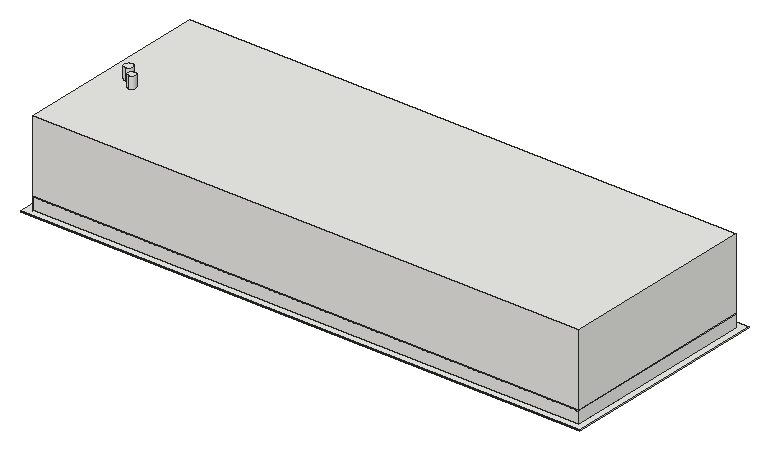
Revit family "AIRTECNICS_AIR CURTAIN_RECESSED WINDBOX_MG_DX-VRF_(MITSUBISHI ELECTRIC)_0", category Mechanical Equipment, Revit 2016 (continued)
Definition of nested family "GEOM_WINDBOX_P_RECESSED_DX"
  Automatic sketch dimensions
    Extrusion 34 sketch curve to Extrusion 34 sketch curve = 43.504 mm
    Extrusion 38 sketch curve to Extrusion 38 sketch curve = 3.028 mm
    Extrusion 38 sketch curve to Extrusion 38 sketch curve = 3.961 mm
    Extrusion 38 sketch curve to Extrusion 38 sketch curve = 2.97 mm
    Extrusion 38 sketch curve to Extrusion 38 sketch curve = 2.975 mm
    Extrusion 38 sketch curve to Extrusion 38 sketch curve = 0.557 mm
    Extrusion 38 sketch curve to Extrusion 38 sketch curve = 4.0 mm
    Extrusion 38 sketch curve to Extrusion 38 sketch curve = 3.966 mm
    Extrusion 38 sketch curve to Extrusion 38 sketch curve = 0.0 mm  (x2)
    Extrusion 39 sketch curve to Extrusion 39 sketch curve = 3.028 mm
    Extrusion 39 sketch curve to Extrusion 39 sketch curve = 3.961 mm
    Extrusion 39 sketch curve to Extrusion 39 sketch curve = 2.97 mm
    Extrusion 39 sketch curve to Extrusion 39 sketch curve = 2.975 mm
    Extrusion 39 sketch curve to Extrusion 39 sketch curve = 0.557 mm
    Extrusion 39 sketch curve to Extrusion 39 sketch curve = 4.0 mm
    Extrusion 39 sketch curve to Extrusion 39 sketch curve = 3.966 mm
    Extrusion 39 sketch curve to Extrusion 39 sketch curve = 0.0 mm  (x2)
    Extrusion 38 sketch curve to Extrusion 38 sketch curve = 25.946 mm
    Extrusion 38 sketch curve to Extrusion 38 sketch curve = 2.037 mm
    Extrusion 38 sketch curve to Extrusion 38 sketch curve = 2.578 mm
    Extrusion 38 sketch curve to Extrusion 38 sketch curve = 2.611 mm
    Extrusion 38 sketch curve to Extrusion 38 sketch curve = 23.162 mm
    Extrusion 39 sketch curve to Extrusion 39 sketch curve = 25.946 mm
    Extrusion 39 sketch curve to Extrusion 39 sketch curve = 2.037 mm
    Extrusion 39 sketch curve to Extrusion 39 sketch curve = 2.578 mm
    Extrusion 39 sketch curve to Extrusion 39 sketch curve = 2.611 mm
    Extrusion 39 sketch curve to Extrusion 39 sketch curve = 23.162 mm
    Extrusion 37 sketch curve to Extrusion 37 sketch curve = 74.0 mm
    Extrusion 37 sketch curve to Extrusion 37 sketch curve = 43.504 mm
    Extrusion 27 sketch curve to Extrusion 27 sketch curve = 74.0 mm
    Extrusion 27 sketch curve to Extrusion 27 sketch curve = 43.504 mm
    Extrusion 30 sketch curve to Extrusion 30 sketch curve = 74.0 mm
    Extrusion 30 sketch curve to Extrusion 30 sketch curve = 43.504 mm
    Extrusion 4 sketch curve to plane 11 = 0.0 mm
    Extrusion 7 sketch curve to plane 3 "Centro (Izquierda/Derecha)" = 0.0 mm
    plane 8 to Extrusion 11 sketch curve = 0.0 mm
    Extrusion 11 sketch curve to plane 24 = 0.0 mm
    Extrusion 11 sketch curve to plane 4 = 0.0 mm
    Extrusion 11 sketch curve to plane 8 = 10.0 mm
    Extrusion 12 sketch curve to plane 24 = 0.0 mm
    Extrusion 12 sketch curve to plane 4 = 0.0 mm
    Extrusion 12 sketch curve to plane 7 = 0.0 mm
    Extrusion 12 sketch curve to plane 7 = 10.0 mm
    Sweep 19 sketch curve to profile plane = 0.0 mm
    Sweep 19 sketch curve to Sweep 19 sketch curve = 0.0 mm  (x2)
    plane 24 to Extrusion 20 sketch curve = 20.494 mm  (x2)
    Extrusion 20 sketch curve to plane 11 = 41.908 mm
    plane 24 to Extrusion 20 sketch curve = 1.964 mm  (x6)
    Extrusion 20 sketch curve to Extrusion 20 sketch curve = 3.179 mm
    Extrusion 20 sketch curve to Extrusion 20 sketch curve = 1.478 mm  (x3)
    Extrusion 20 sketch curve to Extrusion 20 sketch curve = 4.657 mm  (x5)
    Extrusion 20 sketch curve to Extrusion 20 sketch curve = 16.188 mm
    Extrusion 20 sketch curve to plane 11 = 13.228 mm
    plane 11 to Extrusion 20 sketch curve = 9.843 mm
    plane 11 to Extrusion 20 sketch curve = 13.022 mm
    Extrusion 20 sketch curve to Extrusion 20 sketch curve = 0.254 mm  (x3)
    Extrusion 20 sketch curve to Extrusion 20 sketch curve = 18.53 mm
    Extrusion 20 sketch curve to Extrusion 20 sketch curve = 0.0 mm
    Extrusion 20 sketch curve to Extrusion 20 sketch curve = 0.799 mm  (x3)
    plane 1 "Centro (Frontal/Posterior)" to Extrusion 24 sketch curve = 21.764 mm
    Extrusion 24 sketch curve to plane 11 = 43.471 mm
    plane 24 to Extrusion 24 sketch curve = 3.073 mm
    Extrusion 24 sketch curve to Extrusion 24 sketch curve = 3.028 mm
    Extrusion 24 sketch curve to Extrusion 24 sketch curve = 3.961 mm
    Extrusion 24 sketch curve to Extrusion 24 sketch curve = 2.97 mm
    plane 24 to Extrusion 24 sketch curve = 0.496 mm
    Extrusion 24 sketch curve to plane 11 = 11.527 mm
    Extrusion 24 sketch curve to plane 11 = 9.49 mm
    plane 24 to Extrusion 24 sketch curve = 3.107 mm
    Extrusion 24 sketch curve to Extrusion 24 sketch curve = 2.975 mm
    Extrusion 24 sketch curve to Extrusion 24 sketch curve = 0.557 mm
    Extrusion 24 sketch curve to Extrusion 24 sketch curve = 4.0 mm
    Extrusion 24 sketch curve to Extrusion 24 sketch curve = 3.966 mm
    Extrusion 24 sketch curve to Extrusion 24 sketch curve = 0.0 mm  (x2)
    plane 1 "Centro (Frontal/Posterior)" to Extrusion 45 sketch curve = 21.764 mm
    Extrusion 45 sketch curve to plane 11 = 43.471 mm
    plane 24 to Extrusion 45 sketch curve = 3.073 mm
    Extrusion 45 sketch curve to Extrusion 45 sketch curve = 3.028 mm
    Extrusion 45 sketch curve to Extrusion 45 sketch curve = 3.961 mm
    Extrusion 45 sketch curve to Extrusion 45 sketch curve = 2.97 mm
    plane 24 to Extrusion 45 sketch curve = 0.496 mm
    Extrusion 45 sketch curve to plane 11 = 11.527 mm
    Extrusion 45 sketch curve to plane 11 = 9.49 mm
    plane 24 to Extrusion 45 sketch curve = 3.107 mm
    Extrusion 45 sketch curve to Extrusion 45 sketch curve = 2.975 mm
    Extrusion 45 sketch curve to Extrusion 45 sketch curve = 0.557 mm
    Extrusion 45 sketch curve to Extrusion 45 sketch curve = 4.0 mm
    Extrusion 45 sketch curve to Extrusion 45 sketch curve = 3.966 mm
    Extrusion 45 sketch curve to Extrusion 45 sketch curve = 0.0 mm  (x2)
    Extrusion 46 sketch curve to Extrusion 46 sketch curve = 0.0 mm  (x40)
    level to Extrusion 46 sketch curve = 0.881 mm  (x10)
    plane 20 to Extrusion 46 sketch curve = 4.0 mm
    plane 24 to Extrusion 46 sketch curve = 0.179 mm  (x10)
    Extrusion 46 sketch curve to Extrusion 46 sketch curve = 0.07 mm  (x10)
    plane 20 to Extrusion 46 sketch curve = 4.744 mm
    plane 24 to Extrusion 46 sketch curve = 2.811 mm  (x10)
    Extrusion 46 sketch curve to plane 13 = 7.561 mm
    plane 24 to Extrusion 46 sketch curve = 1.787 mm  (x10)
    plane 13 to Extrusion 46 sketch curve = 6.25 mm
    plane 13 to Extrusion 46 sketch curve = 6.4 mm
    Extrusion 46 sketch curve to Extrusion 46 sketch curve = 0.594 mm  (x8)
    Extrusion 46 sketch curve to Extrusion 46 sketch curve = 0.8 mm  (x12)
    plane 13 to Extrusion 46 sketch curve = 7.7 mm
    Extrusion 46 sketch curve to Extrusion 46 sketch curve = 1.007 mm  (x8)
    Extrusion 46 sketch curve to Extrusion 46 sketch curve = 1.3 mm  (x8)
    Extrusion 46 sketch curve to Extrusion 46 sketch curve = 8.369 mm  (x9)
    Extrusion 46 sketch curve to Extrusion 46 sketch curve = 13.01 mm  (x7)
    Extrusion 46 sketch curve to Extrusion 46 sketch curve = 0.08 mm  (x7)
    plane 24 to Extrusion 46 sketch curve = 14.344 mm  (x9)
    plane 24 to Extrusion 46 sketch curve = 13.319 mm  (x9)
    Extrusion 46 sketch curve to Extrusion 46 sketch curve = 0.5 mm  (x2)
    Extrusion 46 sketch curve to Extrusion 46 sketch curve = 13.961 mm  (x2)
    Extrusion 46 sketch curve to Extrusion 46 sketch curve = 0.999 mm
    Extrusion 46 sketch curve to Extrusion 46 sketch curve = 1.743 mm
    Extrusion 46 sketch curve to Extrusion 46 sketch curve = 0.658 mm
    Extrusion 46 sketch curve to Extrusion 46 sketch curve = 8.732 mm  (x10)
    plane 7 to Extrusion 47 sketch curve = 2.0 mm
    plane 8 to Extrusion 47 sketch curve = 2.0 mm
    plane 20 to Extrusion 47 sketch curve = 1.976 mm
    Extrusion 47 sketch curve to plane 5 = 486.1 mm
    Extrusion 2 sketch curve to plane 11 = 55.1 mm
    plane 7 to Extrusion 21 sketch curve = 1.0 mm
    plane 8 to Extrusion 21 sketch curve = 1.0 mm
    Extrusion 5 sketch curve to plane 3 "Centro (Izquierda/Derecha)" = 0.0 mm
    Extrusion 5 sketch curve to plane 11 = 0.0 mm
    plane 1 "Centro (Frontal/Posterior)" to Extrusion 23 sketch curve = 4.0 mm
    Extrusion 23 sketch curve to plane 11 = 42.0 mm
    Extrusion 25 sketch curve to plane 11 = 43.471 mm
    plane 24 to Extrusion 25 sketch curve = 0.496 mm
    Extrusion 26 sketch curve to plane 11 = 43.471 mm
    plane 24 to Extrusion 26 sketch curve = 0.496 mm
    Extrusion 18 sketch curve to plane 7 = 25.0 mm
    Extrusion 16 sketch curve to plane 17 "P2-01" = 0.0 mm
    Extrusion 16 sketch curve to plane 19 "P2-03" = 0.0 mm
    Extrusion 17 sketch curve to plane 14 = 0.0 mm
    Extrusion 17 sketch curve to plane 15 "P1-01" = 0.0 mm
Types (23, lengths in mm): name | Weight | Product Size | Product Reference | Product Heating | Product Description | Power Fans | Noise Level (dB(A)) | Mainfolds | M | Length | Heating Capacity | Gas Coil Volume | G | External Ut. Reference | Expansion Valve | Dn_Metric_Refrig_Liquid | Dn_Metric_Refrig_Gas | DX VRF | DX Kit | DX Coil Rows = 4 | DX Coil Rows = 3 | DX Coil Rows | DX 1:1 | Current Fans | L | CT | CR | CM | CH | CDX | Apparent Load | Airflow
  WINDBOX RECG 2500 VRF29-ME | 163.00 kg | "2500" | "RECG 2500 VRF29-ME" | "Direct Expansion VRF system" | "Energy saving heat pump air curtain: Up to 70% reduction in costs and CO2 emissions (heating mode).\r\nSelf-supporting casing construction made of galvanized steel plate, ready to be installed recessed in a false ceiling. \r\nInlet grille (free of maintenance) made with aluminium profiles and blow-out nozzle, integrated in a single white frame colour RAL 9016. Other colours are available on request.  Internal prefilter included.\r\nAnodized aluminium outlet vanes, airfoil shaped, adjustable in both directions.\r\nDouble-inlet centrifugal fans driven by an external rotor motor and low noise level. 5-speed selector. EC models assembled with very low consumption efficiency fans. \r\nIncludes only heating direct expansion coil with installed temperature sensors. Under request it can be modified to work in cooling and heating mode (not recomended) with optional condensate water pump.\r\nPlug&Play control panel CS-5DX-NE slave DX with 5 speeds selector and 7m telephone cable included.\r\nReady to connect to MITSUBISHI ELECTRIC VRF outdoor heat pump unit (R410A), not included, the customer should purchase it.\r\nRequires PAC-AH250M-J MITSUBISHI ELECTRIC VRF Interface KIT adapted for air curtain with expansion valve and  PAR-33MAA programmable control, please consult.\r\nAir Volume: 5110 m3/h \r\nFans:  0,497 kW  4,34 A 230Vx1 50/60Hz\r\nHeating capacity: 28,89 kW\r\nDimensions: 770x310x2550 mm (depth, height, length)\r\nNOT SUPPLIED BY AIRTÈCNICS:\r\nPAC-AH250M-J Interface VRF kit and PAR-33MAA programmable control.\r\nExternal unit VRF." | 0.497 kW | 64 | "1\" & 1/2" | no | 2550.0 | 28.89 kW | 5.30 L | yes | "Not available" | "Included on DX Kit" | 15 | 25 | yes | "PAC-AH250M-J" | yes | no | 4 | no | 4.34 A | 2500.0 | 16 | 2 | 12 | 4 | 0 | 994 VA | 5110 m³/h
  WINDBOX RECG 2500 VRF25-ME | 163.00 kg | "2500" | "RECG 2500 VRF25-ME" | "Direct Expansion VRF system" | "Energy saving heat pump air curtain: Up to 70% reduction in costs and CO2 emissions (heating mode).\r\nSelf-supporting casing construction made of galvanized steel plate, ready to be installed recessed in a false ceiling. \r\nInlet grille (free of maintenance) made with aluminium profiles and blow-out nozzle, integrated in a single white frame colour RAL 9016. Other colours are available on request.  Internal prefilter included.\r\nAnodized aluminium outlet vanes, airfoil shaped, adjustable in both directions.\r\nDouble-inlet centrifugal fans driven by an external rotor motor and low noise level. 5-speed selector. EC models assembled with very low consumption efficiency fans. \r\nIncludes only heating direct expansion coil with installed temperature sensors. Under request it can be modified to work in cooling and heating mode (not recomended) with optional condensate water pump.\r\nPlug&Play control panel CS-5DX-NE slave DX with 5 speeds selector and 7m telephone cable included.\r\nReady to connect to MITSUBISHI ELECTRIC VRF outdoor heat pump unit (R410A), not included, the customer should purchase it.\r\nRequires PAC-AH250M-J MITSUBISHI ELECTRIC VRF Interface KIT adapted for air curtain with expansion valve and  PAR-33MAA programmable control, please consult.\r\nAir Volume: 5110 m3/h \r\nFans:  0,497 kW  4,34 A 230Vx1 50/60Hz\r\nHeating capacity: 24,86 kW\r\nDimensions: 770x310x2550 mm (depth, height, length)\r\nNOT SUPPLIED BY AIRTÈCNICS:\r\nPAC-AH250M-J Interface VRF kit and PAR-33MAA programmable control.\r\nExternal unit VRF." | 0.497 kW | 64 | "1\" & 1/2" | no | 2550.0 | 24.86 kW | 3.90 L | yes | "Not available" | "Included on DX Kit" | 15 | 25 | yes | "PAC-AH250M-J" | no | yes | 3 | no | 4.34 A | 2500.0 | 16 | 4 | 12 | 4 | 0 | 994 VA | 5110 m³/h
  WINDBOX RECG 2500 DX27-ME | 163.00 kg | "2500" | "RECG 2500 DX27-ME" | "Direct Expansion 1:1 system" | "Energy saving heat pump air curtain: Up to 70% reduction in costs and CO2 emissions (heating mode).\r\nSelf-supporting casing construction made of galvanized steel plate, ready to be installed recessed in a false ceiling. \r\nInlet grille (free of maintenance) made with aluminium profiles and blow-out nozzle, integrated in a single white frame colour RAL 9016. Other colours are available on request.  Internal prefilter included.\r\nAnodized aluminium outlet vanes, airfoil shaped, adjustable in both directions.\r\nDouble-inlet centrifugal fans driven by an external rotor motor and low noise level. 5-speed selector. EC models assembled with very low consumption efficiency fans. \r\nIncludes only heating direct expansion coil with installed temperature sensors. Under request it can be modified to work in cooling and heating mode (not recomended) with optional condensate water pump.\r\nPlug&Play control panel CS-5DX-NE slave DX with 5 speeds selector and 7m telephone cable included.\r\nReady to connect to MITSUBISHI ELECTRIC Standard and Power Inverter outdoor heat pump unit (R410A) with expansion valve, not included, the customer should purchase it.\r\nRequires PAC-IF012B-E MITSUBISHI ELECTRIC DX Interface KIT adapted for air curtain and PAR-33MAA programmable control, please consult.\r\nAir Volume: 5110 m3/h \r\nFans:  0,497 kW  4,34 A 230Vx1 50/60Hz\r\nHeating capacity: 27,00 kW\r\nDimensions: 770x310x2550 mm (depth, height, length)\r\nNOT SUPPLIED BY AIRTÈCNICS:\r\nPAC-IF012B-E Interface DX kit and PAR-33MAA programmable control.\r\nExternal unit:\r\n PUHZ-ZRP250YKAExternal unit with direct expansion valve Mitsubishi Electric, triple phase motor 400Vx3 50Hz.\r\nHeating capacity 27kW. Heating power: 8,94kW. COP 3,75.\r\nCooling capacity 22kW. Cooling power 8,31kW. EER 2,65.\r\nCooling circuits 1\" - 1/2\".\r\nMaximum length 100m.\r\nDesnivell màxim 30m." | 0.497 kW | 64 | "1\" & 1/2" | no | 2550.0 | 27 kW | 5.30 L | yes | "PUHZ-ZRP250YKA" | "Included on External Unit" | 15 | 25 | no | "PAC-IF012B-E" | yes | no | 4 | yes | 4.34 A | 2500.0 | 16 | 2 | 12 | 2 | 0 | 994 VA | 5110 m³/h
  WINDBOX RECG 2000 VRF24-ME | 131.00 kg | "2000" | "RECG 2000 VRF24-ME" | "Direct Expansion VRF system" | "Energy saving heat pump air curtain: Up to 70% reduction in costs and CO2 emissions (heating mode).\r\nSelf-supporting casing construction made of galvanized steel plate, ready to be installed recessed in a false ceiling. \r\nInlet grille (free of maintenance) made with aluminium profiles and blow-out nozzle, integrated in a single white frame colour RAL 9016. Other colours are available on request.  Internal prefilter included.\r\nAnodized aluminium outlet vanes, airfoil shaped, adjustable in both directions.\r\nDouble-inlet centrifugal fans driven by an external rotor motor and low noise level. 5-speed selector. EC models assembled with very low consumption efficiency fans. \r\nIncludes only heating direct expansion coil with installed temperature sensors. Under request it can be modified to work in cooling and heating mode (not recomended) with optional condensate water pump.\r\nPlug&Play control panel CS-5DX-NE slave DX with 5 speeds selector and 7m telephone cable included.\r\nReady to connect to MITSUBISHI ELECTRIC VRF outdoor heat pump unit (R410A), not included, the customer should purchase it.\r\nRequires PAC-AH250M-J MITSUBISHI ELECTRIC VRF Interface KIT adapted for air curtain with expansion valve and  PAR-33MAA programmable control, please consult.\r\nAir Volume: 4380 m3/h \r\nFans:  0,426 kW  3,72 A 230Vx1 50/60Hz\r\nHeating capacity: 23,63 kW\r\nDimensions: 770x310x2050 mm (depth, height, length)\r\nNOT SUPPLIED BY AIRTÈCNICS:\r\nPAC-AH250M-J Interface VRF kit and PAR-33MAA programmable control.\r\nExternal unit VRF." | 0.426 kW | 63 | "1\" & 1/2" | no | 2050.0 | 23.63 kW | 5.30 L | yes | "Not available" | "Included on DX Kit" | 15 | 25 | yes | "PAC-AH250M-J" | yes | no | 4 | no | 3.72 A | 2000.0 | 8 | 2 | 12 | 4 | 0 | 852 VA | 4380 m³/h
  WINDBOX RECG 2000 VRF20-ME | 131.00 kg | "2000" | "RECG 2000 VRF20-ME" | "Direct Expansion VRF system" | "Energy saving heat pump air curtain: Up to 70% reduction in costs and CO2 emissions (heating mode).\r\nSelf-supporting casing construction made of galvanized steel plate, ready to be installed recessed in a false ceiling. \r\nInlet grille (free of maintenance) made with aluminium profiles and blow-out nozzle, integrated in a single white frame colour RAL 9016. Other colours are available on request.  Internal prefilter included.\r\nAnodized aluminium outlet vanes, airfoil shaped, adjustable in both directions.\r\nDouble-inlet centrifugal fans driven by an external rotor motor and low noise level. 5-speed selector. EC models assembled with very low consumption efficiency fans. \r\nIncludes only heating direct expansion coil with installed temperature sensors. Under request it can be modified to work in cooling and heating mode (not recomended) with optional condensate water pump.\r\nPlug&Play control panel CS-5DX-NE slave DX with 5 speeds selector and 7m telephone cable included.\r\nReady to connect to MITSUBISHI ELECTRIC VRF outdoor heat pump unit (R410A), not included, the customer should purchase it.\r\nRequires PAC-AH250M-J MITSUBISHI ELECTRIC VRF Interface KIT adapted for air curtain with expansion valve and  PAR-33MAA programmable control, please consult.\r\nAir Volume: 4380 m3/h \r\nFans:  0,426 kW  3,72 A 230Vx1 50/60Hz\r\nHeating capacity: 20,21 kW\r\nDimensions: 770x310x2050 mm (depth, height, length)\r\nNOT SUPPLIED BY AIRTÈCNICS:\r\nPAC-AH250M-J Interface VRF kit and PAR-33MAA programmable control.\r\nExternal unit VRF." | 0.426 kW | 63 | "1\" & 3/8" | no | 2050.0 | 20.21 kW | 3.10 L | yes | "Not available" | "Included on DX Kit" | 10 | 25 | yes | "PAC-AH250M-J" | no | yes | 3 | no | 3.72 A | 2000.0 | 8 | 4 | 12 | 4 | 0 | 852 VA | 4380 m³/h
  WINDBOX RECG 2000 DX24-ME | 131.00 kg | "2000" | "RECG 2000 DX24-ME" | "Direct Expansion 1:1 system" | "Energy saving heat pump air curtain: Up to 70% reduction in costs and CO2 emissions (heating mode).\r\nSelf-supporting casing construction made of galvanized steel plate, ready to be installed recessed in a false ceiling. \r\nInlet grille (free of maintenance) made with aluminium profiles and blow-out nozzle, integrated in a single white frame colour RAL 9016. Other colours are available on request.  Internal prefilter included.\r\nAnodized aluminium outlet vanes, airfoil shaped, adjustable in both directions.\r\nDouble-inlet centrifugal fans driven by an external rotor motor and low noise level. 5-speed selector. EC models assembled with very low consumption efficiency fans. \r\nIncludes only heating direct expansion coil with installed temperature sensors. Under request it can be modified to work in cooling and heating mode (not recomended) with optional condensate water pump.\r\nPlug&Play control panel CS-5DX-NE slave DX with 5 speeds selector and 7m telephone cable included.\r\nReady to connect to MITSUBISHI ELECTRIC Standard and Power Inverter outdoor heat pump unit (R410A) with expansion valve, not included, the customer should purchase it.\r\nRequires PAC-IF012B-E MITSUBISHI ELECTRIC DX Interface KIT adapted for air curtain and PAR-33MAA programmable control, please consult.\r\nAir Volume: 4380 m3/h \r\nFans:  0,426 kW  3,72 A 230Vx1 50/60Hz\r\nHeating capacity: 23,63 kW\r\nDimensions: 770x310x2050 mm (depth, height, length)\r\nNOT SUPPLIED BY AIRTÈCNICS:\r\nPAC-IF012B-E Interface DX kit and PAR-33MAA programmable control.\r\nExternal unit:\r\n PUHZ-ZRP250YKAExternal unit with direct expansion valve Mitsubishi Electric, triple phase motor 400Vx3 50Hz.\r\nHeating capacity 27kW. Heating power: 8,94kW. COP 3,75.\r\nCooling capacity 22kW. Cooling power 8,31kW. EER 2,65.\r\nCooling circuits 1\" - 1/2\".\r\nMaximum length 100m.\r\nDesnivell màxim 30m." | 0.426 kW | 63 | "1\" & 1/2" | no | 2050.0 | 23.63 kW | 4.10 L | yes | "PUHZ-ZRP250YKA" | "Included on External Unit" | 15 | 25 | no | "PAC-IF012B-E" | yes | no | 4 | yes | 3.72 A | 2000.0 | 8 | 2 | 12 | 2 | 1 | 852 VA | 4380 m³/h
  WINDBOX RECG 2000 DX22-ME | 131.00 kg | "2000" | "RECG 2000 DX22-ME" | "Direct Expansion 1:1 system" | "Energy saving heat pump air curtain: Up to 70% reduction in costs and CO2 emissions (heating mode).\r\nSelf-supporting casing construction made of galvanized steel plate, ready to be installed recessed in a false ceiling. \r\nInlet grille (free of maintenance) made with aluminium profiles and blow-out nozzle, integrated in a single white frame colour RAL 9016. Other colours are available on request.  Internal prefilter included.\r\nAnodized aluminium outlet vanes, airfoil shaped, adjustable in both directions.\r\nDouble-inlet centrifugal fans driven by an external rotor motor and low noise level. 5-speed selector. EC models assembled with very low consumption efficiency fans. \r\nIncludes only heating direct expansion coil with installed temperature sensors. Under request it can be modified to work in cooling and heating mode (not recomended) with optional condensate water pump.\r\nPlug&Play control panel CS-5DX-NE slave DX with 5 speeds selector and 7m telephone cable included.\r\nReady to connect to MITSUBISHI ELECTRIC Standard and Power Inverter outdoor heat pump unit (R410A) with expansion valve, not included, the customer should purchase it.\r\nRequires PAC-IF012B-E MITSUBISHI ELECTRIC DX Interface KIT adapted for air curtain and PAR-33MAA programmable control, please consult.\r\nAir Volume: 4380 m3/h \r\nFans:  0,426 kW  3,72 A 230Vx1 50/60Hz\r\nHeating capacity: 22,40 kW\r\nDimensions: 770x310x2050 mm (depth, height, length)\r\nNOT SUPPLIED BY AIRTÈCNICS:\r\nPAC-IF012B-E Interface DX kit and PAR-33MAA programmable control.\r\nExternal unit:\r\n PUHZ-ZRP200YKAExternal unit with direct expansion valve Mitsubishi Electric, triple phase motor 400Vx3 50Hz.\r\nHeating capacity 22,4kW. Heating power: 6,94kW. COP 3,23.\r\nCooling capacity 19kW. Cooling power 6,46kW. EER 2,94.\r\nCooling circuits 1\" - 3/8\".\r\nMaximum length 100m.\r\nDesnivell màxim 30m." | 0.426 kW | 63 | "1\" & 3/8" | no | 2050.0 | 22.4 kW | 4.10 L | yes | "PUHZ-ZRP200YKA" | "Included on External Unit" | 10 | 25 | no | "PAC-IF012B-E" | yes | no | 4 | yes | 3.72 A | 2000.0 | 8 | 2 | 12 | 2 | 0 | 568 VA | 4380 m³/h
  WINDBOX RECG 1500 VRF15-ME | 98.00 kg | "1500" | "RECG 1500 VRF15-ME" | "Direct Expansion VRF system" | "Energy saving heat pump air curtain: Up to 70% reduction in costs and CO2 emissions (heating mode).\r\nSelf-supporting casing construction made of galvanized steel plate, ready to be installed recessed in a false ceiling. \r\nInlet grille (free of maintenance) made with aluminium profiles and blow-out nozzle, integrated in a single white frame colour RAL 9016. Other colours are available on request.  Internal prefilter included.\r\nAnodized aluminium outlet vanes, airfoil shaped, adjustable in both directions.\r\nDouble-inlet centrifugal fans driven by an external rotor motor and low noise level. 5-speed selector. EC models assembled with very low consumption efficiency fans. \r\nIncludes only heating direct expansion coil with installed temperature sensors. Under request it can be modified to work in cooling and heating mode (not recomended) with optional condensate water pump.\r\nPlug&Play control panel CS-5DX-NE slave DX with 5 speeds selector and 7m telephone cable included.\r\nReady to connect to MITSUBISHI ELECTRIC VRF outdoor heat pump unit (R410A), not included, the customer should purchase it.\r\nRequires PAC-AH125M-J MITSUBISHI ELECTRIC VRF Interface KIT adapted for air curtain with expansion valve and  PAR-33MAA programmable control, please consult.\r\nAir Volume: 2920 m3/h \r\nFans:  0,284 kW  2,48 A 230Vx1 50/60Hz\r\nHeating capacity: 15,32 kW\r\nDimensions: 770x310x1550 mm (depth, height, length)\r\nNOT SUPPLIED BY AIRTÈCNICS:\r\nPAC-AH125M-J Interface VRF kit and PAR-33MAA programmable control.\r\nExternal unit VRF." | 0.284 kW | 62 | "5/8 & 3/8" | no | 1550.0 | 15.32 kW | 3.00 L | yes | "Not available" | "Included on DX Kit" | 10 | 16 | yes | "PAC-AH125M-J" | yes | no | 4 | no | 2.48 A | 1500.0 | 4 | 2 | 12 | 4 | 0 | 568 VA | 2920 m³/h
  WINDBOX RECG 1500 VRF13-ME | 98.00 kg | "1500" | "RECG 1500 VRF13-ME" | "Direct Expansion VRF system" | "Energy saving heat pump air curtain: Up to 70% reduction in costs and CO2 emissions (heating mode).\r\nSelf-supporting casing construction made of galvanized steel plate, ready to be installed recessed in a false ceiling. \r\nInlet grille (free of maintenance) made with aluminium profiles and blow-out nozzle, integrated in a single white frame colour RAL 9016. Other colours are available on request.  Internal prefilter included.\r\nAnodized aluminium outlet vanes, airfoil shaped, adjustable in both directions.\r\nDouble-inlet centrifugal fans driven by an external rotor motor and low noise level. 5-speed selector. EC models assembled with very low consumption efficiency fans. \r\nIncludes only heating direct expansion coil with installed temperature sensors. Under request it can be modified to work in cooling and heating mode (not recomended) with optional condensate water pump.\r\nPlug&Play control panel CS-5DX-NE slave DX with 5 speeds selector and 7m telephone cable included.\r\nReady to connect to MITSUBISHI ELECTRIC VRF outdoor heat pump unit (R410A), not included, the customer should purchase it.\r\nRequires PAC-AH125M-J MITSUBISHI ELECTRIC VRF Interface KIT adapted for air curtain with expansion valve and  PAR-33MAA programmable control, please consult.\r\nAir Volume: 2920 m3/h \r\nFans:  0,284 kW  2,48 A 230Vx1 50/60Hz\r\nHeating capacity: 13,11 kW\r\nDimensions: 770x310x1550 mm (depth, height, length)\r\nNOT SUPPLIED BY AIRTÈCNICS:\r\nPAC-AH125M-J Interface VRF kit and PAR-33MAA programmable control.\r\nExternal unit VRF." | 0.284 kW | 62 | "5/8 & 3/8" | no | 1550.0 | 13.11 kW | 2.20 L | yes | "Not available" | "Included on DX Kit" | 10 | 16 | yes | "PAC-AH125M-J" | no | yes | 3 | no | 2.48 A | 1500.0 | 4 | 4 | 12 | 4 | 0 | 568 VA | 2920 m³/h
  WINDBOX RECG 1500 DX14-ME | 98.00 kg | "1500" | "RECG 1500 DX14-ME" | "Direct Expansion 1:1 system" | "Energy saving heat pump air curtain: Up to 70% reduction in costs and CO2 emissions (heating mode).\r\nSelf-supporting casing construction made of galvanized steel plate, ready to be installed recessed in a false ceiling. \r\nInlet grille (free of maintenance) made with aluminium profiles and blow-out nozzle, integrated in a single white frame colour RAL 9016. Other colours are available on request.  Internal prefilter included.\r\nAnodized aluminium outlet vanes, airfoil shaped, adjustable in both directions.\r\nDouble-inlet centrifugal fans driven by an external rotor motor and low noise level. 5-speed selector. EC models assembled with very low consumption efficiency fans. \r\nIncludes only heating direct expansion coil with installed temperature sensors. Under request it can be modified to work in cooling and heating mode (not recomended) with optional condensate water pump.\r\nPlug&Play control panel CS-5DX-NE slave DX with 5 speeds selector and 7m telephone cable included.\r\nReady to connect to MITSUBISHI ELECTRIC Standard and Power Inverter outdoor heat pump unit (R410A) with expansion valve, not included, the customer should purchase it.\r\nRequires PAC-IF012B-E MITSUBISHI ELECTRIC DX Interface KIT adapted for air curtain and PAR-33MAA programmable control, please consult.\r\nAir Volume: 2920 m3/h \r\nFans:  0,284 kW  2,48 A 230Vx1 50/60Hz\r\nHeating capacity: 14,00 kW\r\nDimensions: 770x310x1550 mm (depth, height, length)\r\nNOT SUPPLIED BY AIRTÈCNICS:\r\nPAC-IF012B-E Interface DX kit and PAR-33MAA programmable control.\r\nExternal unit:\r\nOption 1: PUHZ-ZRP125VKA\r\nExternal unit with direct expansion valve Mitsubishi Electric, single phase motor 230Vx1 50Hz.\r\nHeating capacity 14kW. Heating power: 3,63kW. COP 3,86.\r\nCooling capacity 12,5kW. Cooling power 4,05kW. EER 3,09.\r\nCooling circuits 5/8\" - 3/8\".\r\nMaximum length 75m.\r\nDesnivell màxim 30m.\r\nOption 2: PUHZ-ZRP125YKA\r\nExternal unit with direct expansion valve Mitsubishi Electric, triple phase motor 400Vx3 50Hz.\r\nHeating capacity 14kW. Heating power: 3,63kW. COP 3,86.\r\nCooling capacity 12,5kW. Cooling power 4,05kW. EER 3,09.\r\nCooling circuits 5/8\" - 3/8\".\r\nMaximum length 75m.\r\nDesnivell màxim 30m." | 0.284 kW | 62 | "5/8 & 3/8" | no | 1550.0 | 14 kW | 3.00 L | yes | "PUHZ-ZRP125YKA" | "Included on External Unit" | 10 | 16 | no | "PAC-IF012B-E" | yes | no | 4 | yes | 2.48 A | 1500.0 | 4 | 2 | 12 | 2 | 0 | 568 VA | 2920 m³/h
  WINDBOX RECG 1000 VRF10-ME | 67.00 kg | "1000" | "RECG 1000 VRF10-ME" | "Direct Expansion VRF system" | "Energy saving heat pump air curtain: Up to 70% reduction in costs and CO2 emissions (heating mode).\r\nSelf-supporting casing construction made of galvanized steel plate, ready to be installed recessed in a false ceiling. \r\nInlet grille (free of maintenance) made with aluminium profiles and blow-out nozzle, integrated in a single white frame colour RAL 9016. Other colours are available on request.  Internal prefilter included.\r\nAnodized aluminium outlet vanes, airfoil shaped, adjustable in both directions.\r\nDouble-inlet centrifugal fans driven by an external rotor motor and low noise level. 5-speed selector. EC models assembled with very low consumption efficiency fans. \r\nIncludes only heating direct expansion coil with installed temperature sensors. Under request it can be modified to work in cooling and heating mode (not recomended) with optional condensate water pump.\r\nPlug&Play control panel CS-5DX-NE slave DX with 5 speeds selector and 7m telephone cable included.\r\nReady to connect to MITSUBISHI ELECTRIC VRF outdoor heat pump unit (R410A), not included, the customer should purchase it.\r\nRequires PAC-AH125M-J MITSUBISHI ELECTRIC VRF Interface KIT adapted for air curtain with expansion valve and  PAR-33MAA programmable control, please consult.\r\nAir Volume: 2190 m3/h \r\nFans:  0,213 kW  1,86 A 230Vx1 50/60Hz\r\nHeating capacity: 9,70 kW\r\nDimensions: 770x310x1050 mm (depth, height, length)\r\nNOT SUPPLIED BY AIRTÈCNICS:\r\nPAC-AH125M-J Interface VRF kit and PAR-33MAA programmable control.\r\nExternal unit VRF." | 0.213 kW | 61 | "5/8 & 3/8" | no | 1050.0 | 9.7 kW | 1.80 L | yes | "Not available" | "Included on DX Kit" | 10 | 16 | yes | "PAC-AH125M-J" | yes | no | 4 | no | 1.86 A | 1000.0 | 2 | 2 | 12 | 4 | 0 | 426 VA | 2190 m³/h
  WINDBOX RECG 1000 DX10-ME | 67.00 kg | "1000" | "RECG 1000 DX10-ME" | "Direct Expansion 1:1 system" | "Energy saving heat pump air curtain: Up to 70% reduction in costs and CO2 emissions (heating mode).\r\nSelf-supporting casing construction made of galvanized steel plate, ready to be installed recessed in a false ceiling. \r\nInlet grille (free of maintenance) made with aluminium profiles and blow-out nozzle, integrated in a single white frame colour RAL 9016. Other colours are available on request.  Internal prefilter included.\r\nAnodized aluminium outlet vanes, airfoil shaped, adjustable in both directions.\r\nDouble-inlet centrifugal fans driven by an external rotor motor and low noise level. 5-speed selector. EC models assembled with very low consumption efficiency fans. \r\nIncludes only heating direct expansion coil with installed temperature sensors. Under request it can be modified to work in cooling and heating mode (not recomended) with optional condensate water pump.\r\nPlug&Play control panel CS-5DX-NE slave DX with 5 speeds selector and 7m telephone cable included.\r\nReady to connect to MITSUBISHI ELECTRIC Standard and Power Inverter outdoor heat pump unit (R410A) with expansion valve, not included, the customer should purchase it.\r\nRequires PAC-IF012B-E MITSUBISHI ELECTRIC DX Interface KIT adapted for air curtain and PAR-33MAA programmable control, please consult.\r\nAir Volume: 2190 m3/h \r\nFans:  0,213 kW  1,86 A 230Vx1 50/60Hz\r\nHeating capacity: 9,70 kW\r\nDimensions: 770x310x1050 mm (depth, height, length)\r\nNOT SUPPLIED BY AIRTÈCNICS:\r\nPAC-IF012B-E Interface DX kit and PAR-33MAA programmable control.\r\nExternal unit:\r\nOption 1: PUHZ-ZRP100VKA\r\nExternal unit with direct expansion valve Mitsubishi Electric, single phase motor 230Vx1 50Hz.\r\nHeating capacity 11,2kW. Heating power: 2,06kW. SCOP 4,2.\r\nCooling capacity 10kW. Cooling power 2,63kW. SEER 5,6.\r\nCooling circuits 5/8\" - 3/8\".\r\nMaximum length 75m.\r\nDesnivell màxim 30m.\r\nOption 2: PUHZ-ZRP100YKA\r\nExternal unit with direct expansion valve Mitsubishi Electric, triple phase motor 400Vx3 50Hz.\r\nHeating capacity 11,2kW. Heating power: 2,06kW. SCOP 4,2.\r\nCooling capacity 10kW. Cooling power 2,63kW. SEER 5,5.\r\nCooling circuits 5/8\" - 3/8\".\r\nMaximum length 75m.\r\nDesnivell màxim 30m." | 0.213 kW | 61 | "5/8 & 3/8" | no | 1050.0 | 9.7 kW | 1.80 L | yes | "PUHZ-ZRP100YKA" | "Included on External Unit" | 10 | 16 | no | "PAC-IF012B-E" | yes | no | 4 | yes | 1.86 A | 1000.0 | 2 | 2 | 12 | 2 | 0 | 426 VA | 2190 m³/h
  WINDBOX RECM 2500 VRF24-ME | 153.00 kg | "2500" | "RECM 2500 VRF24-ME" | "Direct Expansion VRF system" | "Energy saving heat pump air curtain: Up to 70% reduction in costs and CO2 emissions (heating mode).\r\nSelf-supporting casing construction made of galvanized steel plate, ready to be installed recessed in a false ceiling. \r\nInlet grille (free of maintenance) made with aluminium profiles and blow-out nozzle, integrated in a single white frame colour RAL 9016. Other colours are available on request.  Internal prefilter included.\r\nAnodized aluminium outlet vanes, airfoil shaped, adjustable in both directions.\r\nDouble-inlet centrifugal fans driven by an external rotor motor and low noise level. 5-speed selector. EC models assembled with very low consumption efficiency fans. \r\nIncludes only heating direct expansion coil with installed temperature sensors. Under request it can be modified to work in cooling and heating mode (not recomended) with optional condensate water pump.\r\nPlug&Play control panel CS-5DX-NE slave DX with 5 speeds selector and 7m telephone cable included.\r\nReady to connect to MITSUBISHI ELECTRIC VRF outdoor heat pump unit (R410A), not included, the customer should purchase it.\r\nRequires PAC-AH250M-J MITSUBISHI ELECTRIC VRF Interface KIT adapted for air curtain with expansion valve and  PAR-33MAA programmable control, please consult.\r\nAir Volume: 4100 m3/h \r\nFans:  0,355 kW  3,1 A 230Vx1 50/60Hz\r\nHeating capacity: 24,38 kW\r\nDimensions: 770x310x2550 mm (depth, height, length)\r\nNOT SUPPLIED BY AIRTÈCNICS:\r\nPAC-AH250M-J Interface VRF kit and PAR-33MAA programmable control.\r\nExternal unit VRF." | 0.355 kW | 59 | "1\" & 1/2" | yes | 2550.0 | 24.38 kW | 5.30 L | no | "Not available" | "Included on DX Kit" | 15 | 25 | yes | "PAC-AH250M-J" | yes | no | 4 | no | 3.1 A | 2500.0 | 16 | 2 | 6 | 4 | 0 | 710 VA | 4100 m³/h
  WINDBOX RECM 2500 VRF21-ME | 153.00 kg | "2500" | "RECM 2500 VRF21-ME" | "Direct Expansion VRF system" | "Energy saving heat pump air curtain: Up to 70% reduction in costs and CO2 emissions (heating mode).\r\nSelf-supporting casing construction made of galvanized steel plate, ready to be installed recessed in a false ceiling. \r\nInlet grille (free of maintenance) made with aluminium profiles and blow-out nozzle, integrated in a single white frame colour RAL 9016. Other colours are available on request.  Internal prefilter included.\r\nAnodized aluminium outlet vanes, airfoil shaped, adjustable in both directions.\r\nDouble-inlet centrifugal fans driven by an external rotor motor and low noise level. 5-speed selector. EC models assembled with very low consumption efficiency fans. \r\nIncludes only heating direct expansion coil with installed temperature sensors. Under request it can be modified to work in cooling and heating mode (not recomended) with optional condensate water pump.\r\nPlug&Play control panel CS-5DX-NE slave DX with 5 speeds selector and 7m telephone cable included.\r\nReady to connect to MITSUBISHI ELECTRIC VRF outdoor heat pump unit (R410A), not included, the customer should purchase it.\r\nRequires PAC-AH250M-J MITSUBISHI ELECTRIC VRF Interface KIT adapted for air curtain with expansion valve and  PAR-33MAA programmable control, please consult.\r\nAir Volume: 4100 m3/h \r\nFans:  0,355 kW  3,1 A 230Vx1 50/60Hz\r\nHeating capacity: 21,20 kW\r\nDimensions: 770x310x2550 mm (depth, height, length)\r\nNOT SUPPLIED BY AIRTÈCNICS:\r\nPAC-AH250M-J Interface VRF kit and PAR-33MAA programmable control.\r\nExternal unit VRF." | 0.355 kW | 59 | "1\" & 3/8" | yes | 2550.0 | 21.2 kW | 3.90 L | no | "Not available" | "Included on DX Kit" | 10 | 25 | yes | "PAC-AH250M-J" | no | yes | 3 | no | 3.1 A | 2500.0 | 16 | 4 | 6 | 4 | 0 | 710 VA | 4100 m³/h
  WINDBOX RECM 2500 DX24-ME | 153.00 kg | "2500" | "RECM 2500 DX24-ME" | "Direct Expansion 1:1 system" | "Energy saving heat pump air curtain: Up to 70% reduction in costs and CO2 emissions (heating mode).\r\nSelf-supporting casing construction made of galvanized steel plate, ready to be installed recessed in a false ceiling. \r\nInlet grille (free of maintenance) made with aluminium profiles and blow-out nozzle, integrated in a single white frame colour RAL 9016. Other colours are available on request.  Internal prefilter included.\r\nAnodized aluminium outlet vanes, airfoil shaped, adjustable in both directions.\r\nDouble-inlet centrifugal fans driven by an external rotor motor and low noise level. 5-speed selector. EC models assembled with very low consumption efficiency fans. \r\nIncludes only heating direct expansion coil with installed temperature sensors. Under request it can be modified to work in cooling and heating mode (not recomended) with optional condensate water pump.\r\nPlug&Play control panel CS-5DX-NE slave DX with 5 speeds selector and 7m telephone cable included.\r\nReady to connect to MITSUBISHI ELECTRIC Standard and Power Inverter outdoor heat pump unit (R410A) with expansion valve, not included, the customer should purchase it.\r\nRequires PAC-IF012B-E MITSUBISHI ELECTRIC DX Interface KIT adapted for air curtain and PAR-33MAA programmable control, please consult.\r\nAir Volume: 4100 m3/h \r\nFans:  0,355 kW  3,1 A 230Vx1 50/60Hz\r\nHeating capacity: 24,38 kW\r\nDimensions: 770x310x2550 mm (depth, height, length)\r\nNOT SUPPLIED BY AIRTÈCNICS:\r\nPAC-IF012B-E Interface DX kit and PAR-33MAA programmable control.\r\nExternal unit:\r\n PUHZ-ZRP250YKAExternal unit with direct expansion valve Mitsubishi Electric, triple phase motor 400Vx3 50Hz.\r\nHeating capacity 27kW. Heating power: 8,94kW. COP 3,75.\r\nCooling capacity 22kW. Cooling power 8,31kW. EER 2,65.\r\nCooling circuits 1\" - 1/2\".\r\nMaximum length 100m.\r\nDesnivell màxim 30m." | 0.355 kW | 59 | "1\" & 1/2" | yes | 2550.0 | 24.38 kW | 5.30 L | no | "PUHZ-ZRP250YKA" | "Included on External Unit" | 15 | 25 | no | "PAC-IF012B-E" | yes | no | 4 | yes | 3.1 A | 2500.0 | 16 | 2 | 6 | 2 | 1 | 710 VA | 4100 m³/h
  WINDBOX RECM 2500 DX22-ME | 153.00 kg | "2500" | "RECM 2500 DX22-ME" | "Direct Expansion 1:1 system" | "Energy saving heat pump air curtain: Up to 70% reduction in costs and CO2 emissions (heating mode).\r\nSelf-supporting casing construction made of galvanized steel plate, ready to be installed recessed in a false ceiling. \r\nInlet grille (free of maintenance) made with aluminium profiles and blow-out nozzle, integrated in a single white frame colour RAL 9016. Other colours are available on request.  Internal prefilter included.\r\nAnodized aluminium outlet vanes, airfoil shaped, adjustable in both directions.\r\nDouble-inlet centrifugal fans driven by an external rotor motor and low noise level. 5-speed selector. EC models assembled with very low consumption efficiency fans. \r\nIncludes only heating direct expansion coil with installed temperature sensors. Under request it can be modified to work in cooling and heating mode (not recomended) with optional condensate water pump.\r\nPlug&Play control panel CS-5DX-NE slave DX with 5 speeds selector and 7m telephone cable included.\r\nReady to connect to MITSUBISHI ELECTRIC Standard and Power Inverter outdoor heat pump unit (R410A) with expansion valve, not included, the customer should purchase it.\r\nRequires PAC-IF012B-E MITSUBISHI ELECTRIC DX Interface KIT adapted for air curtain and PAR-33MAA programmable control, please consult.\r\nAir Volume: 4100 m3/h \r\nFans:  0,355 kW  3,1 A 230Vx1 50/60Hz\r\nHeating capacity: 22,40 kW\r\nDimensions: 770x310x2550 mm (depth, height, length)\r\nNOT SUPPLIED BY AIRTÈCNICS:\r\nPAC-IF012B-E Interface DX kit and PAR-33MAA programmable control.\r\nExternal unit:\r\n PUHZ-ZRP200YKAExternal unit with direct expansion valve Mitsubishi Electric, triple phase motor 400Vx3 50Hz.\r\nHeating capacity 22,4kW. Heating power: 6,94kW. COP 3,23.\r\nCooling capacity 19kW. Cooling power 6,46kW. EER 2,94.\r\nCooling circuits 1\" - 3/8\".\r\nMaximum length 100m.\r\nDesnivell màxim 30m." | 0.355 kW | 59 | "1\" & 3/8" | yes | 2550.0 | 22.4 kW | 5.30 L | no | "PUHZ-ZRP200YKA" | "Included on External Unit" | 10 | 25 | no | "PAC-IF012B-E" | yes | no | 4 | yes | 3.1 A | 2500.0 | 16 | 2 | 6 | 2 | 0 | 710 VA | 4100 m³/h
  WINDBOX RECM 2000 VRF19-ME | 122.00 kg | "2000" | "RECM 2000 VRF19-ME" | "Direct Expansion VRF system" | "Energy saving heat pump air curtain: Up to 70% reduction in costs and CO2 emissions (heating mode).\r\nSelf-supporting casing construction made of galvanized steel plate, ready to be installed recessed in a false ceiling. \r\nInlet grille (free of maintenance) made with aluminium profiles and blow-out nozzle, integrated in a single white frame colour RAL 9016. Other colours are available on request.  Internal prefilter included.\r\nAnodized aluminium outlet vanes, airfoil shaped, adjustable in both directions.\r\nDouble-inlet centrifugal fans driven by an external rotor motor and low noise level. 5-speed selector. EC models assembled with very low consumption efficiency fans. \r\nIncludes only heating direct expansion coil with installed temperature sensors. Under request it can be modified to work in cooling and heating mode (not recomended) with optional condensate water pump.\r\nPlug&Play control panel CS-5DX-NE slave DX with 5 speeds selector and 7m telephone cable included.\r\nReady to connect to MITSUBISHI ELECTRIC VRF outdoor heat pump unit (R410A), not included, the customer should purchase it.\r\nRequires PAC-AH250M-J MITSUBISHI ELECTRIC VRF Interface KIT adapted for air curtain with expansion valve and  PAR-33MAA programmable control, please consult.\r\nAir Volume: 3280 m3/h \r\nFans:  0,284 kW  2,48 A 230Vx1 50/60Hz\r\nHeating capacity: 18,96 kW\r\nDimensions: 770x310x2050 mm (depth, height, length)\r\nNOT SUPPLIED BY AIRTÈCNICS:\r\nPAC-AH250M-J Interface VRF kit and PAR-33MAA programmable control.\r\nExternal unit VRF." | 0.284 kW | 58 | "1\" & 3/8" | yes | 2050.0 | 18.96 kW | 4.10 L | no | "Not available" | "Included on DX Kit" | 10 | 25 | yes | "PAC-AH250M-J" | yes | no | 4 | no | 2.48 A | 2000.0 | 8 | 2 | 6 | 4 | 0 | 568 VA | 3280 m³/h
  WINDBOX RECM 2000 VRF16-ME | 122.00 kg | "2000" | "RECM 2000 VRF16-ME" | "Direct Expansion VRF system" | "Energy saving heat pump air curtain: Up to 70% reduction in costs and CO2 emissions (heating mode).\r\nSelf-supporting casing construction made of galvanized steel plate, ready to be installed recessed in a false ceiling. \r\nInlet grille (free of maintenance) made with aluminium profiles and blow-out nozzle, integrated in a single white frame colour RAL 9016. Other colours are available on request.  Internal prefilter included.\r\nAnodized aluminium outlet vanes, airfoil shaped, adjustable in both directions.\r\nDouble-inlet centrifugal fans driven by an external rotor motor and low noise level. 5-speed selector. EC models assembled with very low consumption efficiency fans. \r\nIncludes only heating direct expansion coil with installed temperature sensors. Under request it can be modified to work in cooling and heating mode (not recomended) with optional condensate water pump.\r\nPlug&Play control panel CS-5DX-NE slave DX with 5 speeds selector and 7m telephone cable included.\r\nReady to connect to MITSUBISHI ELECTRIC VRF outdoor heat pump unit (R410A), not included, the customer should purchase it.\r\nRequires PAC-AH125M-J MITSUBISHI ELECTRIC VRF Interface KIT adapted for air curtain with expansion valve and  PAR-33MAA programmable control, please consult.\r\nAir Volume: 3280 m3/h \r\nFans:  0,284 kW  2,48 A 230Vx1 50/60Hz\r\nHeating capacity: 16,44 kW\r\nDimensions: 770x310x2050 mm (depth, height, length)\r\nNOT SUPPLIED BY AIRTÈCNICS:\r\nPAC-AH125M-J Interface VRF kit and PAR-33MAA programmable control.\r\nExternal unit VRF." | 0.284 kW | 58 | "5/8 & 3/8" | yes | 2050.0 | 16.44 kW | 3.10 L | no | "Not available" | "Included on DX Kit" | 10 | 16 | yes | "PAC-AH125M-J" | no | yes | 3 | no | 2.48 A | 2000.0 | 8 | 4 | 6 | 4 | 0 | 568 VA | 3280 m³/h
  WINDBOX RECM 2000 DX16-ME | 122.00 kg | "2000" | "RECM 2000 DX16-ME" | "Direct Expansion 1:1 system" | "Energy saving heat pump air curtain: Up to 70% reduction in costs and CO2 emissions (heating mode).\r\nSelf-supporting casing construction made of galvanized steel plate, ready to be installed recessed in a false ceiling. \r\nInlet grille (free of maintenance) made with aluminium profiles and blow-out nozzle, integrated in a single white frame colour RAL 9016. Other colours are available on request.  Internal prefilter included.\r\nAnodized aluminium outlet vanes, airfoil shaped, adjustable in both directions.\r\nDouble-inlet centrifugal fans driven by an external rotor motor and low noise level. 5-speed selector. EC models assembled with very low consumption efficiency fans. \r\nIncludes only heating direct expansion coil with installed temperature sensors. Under request it can be modified to work in cooling and heating mode (not recomended) with optional condensate water pump.\r\nPlug&Play control panel CS-5DX-NE slave DX with 5 speeds selector and 7m telephone cable included.\r\nReady to connect to MITSUBISHI ELECTRIC Standard and Power Inverter outdoor heat pump unit (R410A) with expansion valve, not included, the customer should purchase it.\r\nRequires PAC-IF012B-E MITSUBISHI ELECTRIC DX Interface KIT adapted for air curtain and PAR-33MAA programmable control, please consult.\r\nAir Volume: 3280 m3/h \r\nFans:  0,284 kW  2,48 A 230Vx1 50/60Hz\r\nHeating capacity: 16,00 kW\r\nDimensions: 770x310x2050 mm (depth, height, length)\r\nNOT SUPPLIED BY AIRTÈCNICS:\r\nPAC-IF012B-E Interface DX kit and PAR-33MAA programmable control.\r\nExternal unit:\r\nOption 1: PUHZ-ZRP140VKA\r\nExternal unit with direct expansion valve Mitsubishi Electric, single phase motor 230Vx1 50Hz.\r\nHeating capacity 16kW. Heating power: 4,2kW. COP 3,81.\r\nCooling capacity 13,4kW. Cooling power 4,36kW. EER 3,07.\r\nCooling circuits 5/8\" - 3/8\".\r\nMaximum length 75m.\r\nDesnivell màxim 30m.\r\nOption 2: PUHZ-ZRP140YKA\r\nExternal unit with direct expansion valve Mitsubishi Electric, triple phase motor 400Vx3 50Hz.\r\nHeating capacity 16kW. Heating power: 4,2kW. COP 3,81.\r\nCooling capacity 13,4kW. Cooling power 4,36kW. EER 3,07.\r\nCooling circuits 5/8\" - 3/8\".\r\nMaximum length 75m.\r\nDesnivell màxim 30m." | 0.284 kW | 58 | "5/8 & 3/8" | yes | 2050.0 | 16 kW | 3.10 L | no | "PUHZ-ZRP140YKA" | "Included on External Unit" | 10 | 16 | no | "PAC-IF012B-E" | no | yes | 3 | yes | 2.48 A | 2000.0 | 8 | 4 | 6 | 2 | 0 | 568 VA | 3280 m³/h
  WINDBOX RECM 1500 VRF12-ME | 93.00 kg | "1500" | "RECM 1500 VRF12-ME" | "Direct Expansion VRF system" | "Energy saving heat pump air curtain: Up to 70% reduction in costs and CO2 emissions (heating mode).\r\nSelf-supporting casing construction made of galvanized steel plate, ready to be installed recessed in a false ceiling. \r\nInlet grille (free of maintenance) made with aluminium profiles and blow-out nozzle, integrated in a single white frame colour RAL 9016. Other colours are available on request.  Internal prefilter included.\r\nAnodized aluminium outlet vanes, airfoil shaped, adjustable in both directions.\r\nDouble-inlet centrifugal fans driven by an external rotor motor and low noise level. 5-speed selector. EC models assembled with very low consumption efficiency fans. \r\nIncludes only heating direct expansion coil with installed temperature sensors. Under request it can be modified to work in cooling and heating mode (not recomended) with optional condensate water pump.\r\nPlug&Play control panel CS-5DX-NE slave DX with 5 speeds selector and 7m telephone cable included.\r\nReady to connect to MITSUBISHI ELECTRIC VRF outdoor heat pump unit (R410A), not included, the customer should purchase it.\r\nRequires PAC-AH125M-J MITSUBISHI ELECTRIC VRF Interface KIT adapted for air curtain with expansion valve and  PAR-33MAA programmable control, please consult.\r\nAir Volume: 2460 m3/h \r\nFans:  0,213 kW  1,86 A 230Vx1 50/60Hz\r\nHeating capacity: 11,61 kW\r\nDimensions: 770x310x1550 mm (depth, height, length)\r\nNOT SUPPLIED BY AIRTÈCNICS:\r\nPAC-AH125M-J Interface VRF kit and PAR-33MAA programmable control.\r\nExternal unit VRF." | 0.213 kW | 57 | "5/8 & 3/8" | yes | 1550.0 | 11.61 kW | 2.20 L | no | "Not available" | "Included on DX Kit" | 10 | 16 | yes | "PAC-AH125M-J" | no | yes | 3 | no | 1.86 A | 1500.0 | 4 | 4 | 6 | 4 | 0 | 426 VA | 2460 m³/h
  WINDBOX RECM 1500 DX13-ME | 93.00 kg | "1500" | "RECM 1500 DX13-ME" | "Direct Expansion 1:1 system" | "Energy saving heat pump air curtain: Up to 70% reduction in costs and CO2 emissions (heating mode).\r\nSelf-supporting casing construction made of galvanized steel plate, ready to be installed recessed in a false ceiling. \r\nInlet grille (free of maintenance) made with aluminium profiles and blow-out nozzle, integrated in a single white frame colour RAL 9016. Other colours are available on request.  Internal prefilter included.\r\nAnodized aluminium outlet vanes, airfoil shaped, adjustable in both directions.\r\nDouble-inlet centrifugal fans driven by an external rotor motor and low noise level. 5-speed selector. EC models assembled with very low consumption efficiency fans. \r\nIncludes only heating direct expansion coil with installed temperature sensors. Under request it can be modified to work in cooling and heating mode (not recomended) with optional condensate water pump.\r\nPlug&Play control panel CS-5DX-NE slave DX with 5 speeds selector and 7m telephone cable included.\r\nReady to connect to MITSUBISHI ELECTRIC Standard and Power Inverter outdoor heat pump unit (R410A) with expansion valve, not included, the customer should purchase it.\r\nRequires PAC-IF012B-E MITSUBISHI ELECTRIC DX Interface KIT adapted for air curtain and PAR-33MAA programmable control, please consult.\r\nAir Volume: 2460 m3/h \r\nFans:  0,213 kW  1,86 A 230Vx1 50/60Hz\r\nHeating capacity: 13,47 kW\r\nDimensions: 770x310x1550 mm (depth, height, length)\r\nNOT SUPPLIED BY AIRTÈCNICS:\r\nPAC-IF012B-E Interface DX kit and PAR-33MAA programmable control.\r\nExternal unit:\r\nOption 1: PUHZ-ZRP125VKA\r\nExternal unit with direct expansion valve Mitsubishi Electric, single phase motor 230Vx1 50Hz.\r\nHeating capacity 14kW. Heating power: 3,63kW. COP 3,86.\r\nCooling capacity 12,5kW. Cooling power 4,05kW. EER 3,09.\r\nCooling circuits 5/8\" - 3/8\".\r\nMaximum length 75m.\r\nDesnivell màxim 30m.\r\nOption 2: PUHZ-ZRP125YKA\r\nExternal unit with direct expansion valve Mitsubishi Electric, triple phase motor 400Vx3 50Hz.\r\nHeating capacity 14kW. Heating power: 3,63kW. COP 3,86.\r\nCooling capacity 12,5kW. Cooling power 4,05kW. EER 3,09.\r\nCooling circuits 5/8\" - 3/8\".\r\nMaximum length 75m.\r\nDesnivell màxim 30m." | 0.213 kW | 57 | "5/8 & 3/8" | yes | 1550.0 | 13.47 kW | 3.00 L | no | "PUHZ-ZRP125YKA" | "Included on External Unit" | 10 | 16 | no | "PAC-IF012B-E" | yes | no | 4 | yes | 1.86 A | 1500.0 | 4 | 2 | 6 | 2 | 0 | 426 VA | 2460 m³/h
  WINDBOX RECM 1500 DX11-ME | 93.00 kg | "1500" | "RECM 1500 DX11-ME" | "Direct Expansion 1:1 system" | "Energy saving heat pump air curtain: Up to 70% reduction in costs and CO2 emissions (heating mode).\r\nSelf-supporting casing construction made of galvanized steel plate, ready to be installed recessed in a false ceiling. \r\nInlet grille (free of maintenance) made with aluminium profiles and blow-out nozzle, integrated in a single white frame colour RAL 9016. Other colours are available on request.  Internal prefilter included.\r\nAnodized aluminium outlet vanes, airfoil shaped, adjustable in both directions.\r\nDouble-inlet centrifugal fans driven by an external rotor motor and low noise level. 5-speed selector. EC models assembled with very low consumption efficiency fans. \r\nIncludes only heating direct expansion coil with installed temperature sensors. Under request it can be modified to work in cooling and heating mode (not recomended) with optional condensate water pump.\r\nPlug&Play control panel CS-5DX-NE slave DX with 5 speeds selector and 7m telephone cable included.\r\nReady to connect to MITSUBISHI ELECTRIC Standard and Power Inverter outdoor heat pump unit (R410A) with expansion valve, not included, the customer should purchase it.\r\nRequires PAC-IF012B-E MITSUBISHI ELECTRIC DX Interface KIT adapted for air curtain and PAR-33MAA programmable control, please consult.\r\nAir Volume: 2460 m3/h \r\nFans:  0,213 kW  1,86 A 230Vx1 50/60Hz\r\nHeating capacity: 11,2 kW\r\nDimensions: 770x310x1550 mm (depth, height, length)\r\nNOT SUPPLIED BY AIRTÈCNICS:\r\nPAC-IF012B-E Interface DX kit and PAR-33MAA programmable control.\r\nExternal unit:\r\nOption 1: PUHZ-ZRP100VKA\r\nExternal unit with direct expansion valve Mitsubishi Electric, single phase motor 230Vx1 50Hz.\r\nHeating capacity 11,2kW. Heating power: 2,06kW. SCOP 4,2.\r\nCooling capacity 10kW. Cooling power 2,63kW. SEER 5,6.\r\nCooling circuits 5/8\" - 3/8\".\r\nMaximum length 75m.\r\nDesnivell màxim 30m.\r\nOption 2: PUHZ-ZRP100YKA\r\nExternal unit with direct expansion valve Mitsubishi Electric, triple phase motor 400Vx3 50Hz.\r\nHeating capacity 11,2kW. Heating power: 2,06kW. SCOP 4,2.\r\nCooling capacity 10kW. Cooling power 2,63kW. SEER 5,5.\r\nCooling circuits 5/8\" - 3/8\".\r\nMaximum length 75m.\r\nDesnivell màxim 30m." | 0.213 kW | 57 | "5/8 & 3/8" | yes | 1550.0 | 11.2 kW | 2.20 L | no | "PUHZ-ZRP100YKA" | "Included on External Unit" | 10 | 16 | no | "PAC-IF012B-E" | no | yes | 3 | yes | 1.86 A | 1500.0 | 4 | 4 | 6 | 2 | 0 | 426 VA | 2460 m³/h
  WINDBOX RECM 1000 DX8-ME | 63.00 kg | "1000" | "RECM 1000 DX8-ME" | "Direct Expansion 1:1 system" | "Energy saving heat pump air curtain: Up to 70% reduction in costs and CO2 emissions (heating mode).\r\nSelf-supporting casing construction made of galvanized steel plate, ready to be installed recessed in a false ceiling. \r\nInlet grille (free of maintenance) made with aluminium profiles and blow-out nozzle, integrated in a single white frame colour RAL 9016. Other colours are available on request.  Internal prefilter included.\r\nAnodized aluminium outlet vanes, airfoil shaped, adjustable in both directions.\r\nDouble-inlet centrifugal fans driven by an external rotor motor and low noise level. 5-speed selector. EC models assembled with very low consumption efficiency fans. \r\nIncludes only heating direct expansion coil with installed temperature sensors. Under request it can be modified to work in cooling and heating mode (not recomended) with optional condensate water pump.\r\nPlug&Play control panel CS-5DX-NE slave DX with 5 speeds selector and 7m telephone cable included.\r\nReady to connect to MITSUBISHI ELECTRIC Standard and Power Inverter outdoor heat pump unit (R410A) with expansion valve, not included, the customer should purchase it.\r\nRequires PAC-IF012B-E MITSUBISHI ELECTRIC DX Interface KIT adapted for air curtain and PAR-33MAA programmable control, please consult.\r\nAir Volume: 1640 m3/h \r\nFans:  0,142 kW  1,24 A 230Vx1 50/60Hz\r\nHeating capacity: 7,90 kW\r\nDimensions: 770x310x1050 mm (depth, height, length)\r\nNOT SUPPLIED BY AIRTÈCNICS:\r\nPAC-IF012B-E Interface DX kit and PAR-33MAA programmable control.\r\nExternal unit:\r\n PUHZ-ZRP71VHA\r\nExternal unit with direct expansion valve Mitsubishi Electric, single phase motor 230Vx1 50Hz.\r\nHeating capacity 8kW. Heating power: 2,03kW. SCOP 3,9.\r\nCooling capacity 7,1kW. Cooling power 2,01kW. SEER 5,6.\r\nCooling circuits 5/8\" - 3/8\".\r\nMaximum length 50m.\r\nDesnivell màxim 30m." | 0.142 kW | 56 | "5/8 & 3/8" | yes | 1050.0 | 7.9 kW | 1.80 L | no | "Only Single Phase" | "Included on External Unit" | 10 | 16 | no | "PAC-IF012B-E" | yes | no | 4 | yes | 1.24 A | 1000.0 | 2 | 2 | 6 | 2 | 0 | 145 VA | 1640 m³/h
